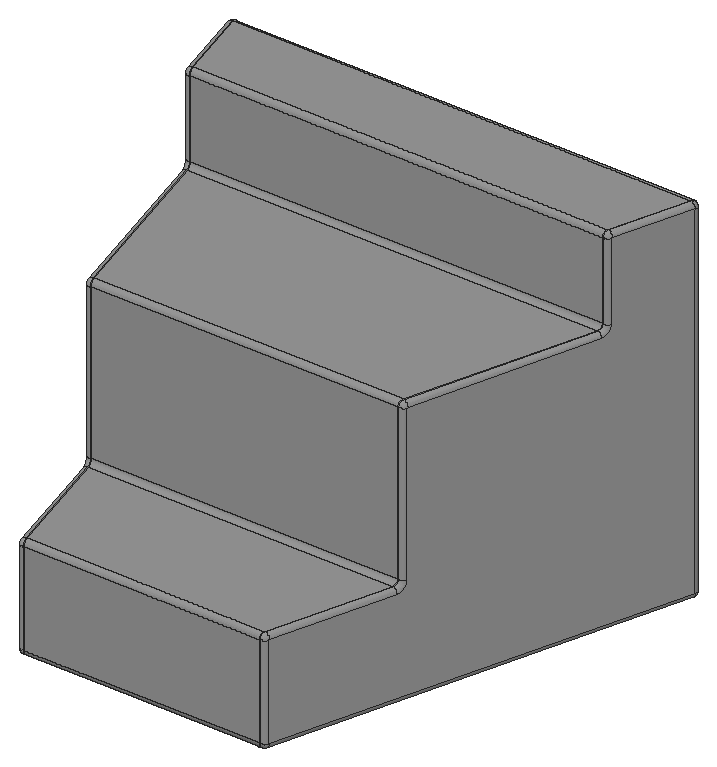
Revit family "TS1006 Elevate Tier Three Step Inside Wedge", category Generic Models, Revit 2018
Family settings
  Can host rebar = No
  Round Connector Dimension = Use Diameter
  Part Type = Normal
  Work Plane-Based = No
  Always vertical = Yes
  Cut with Voids When Loaded = No
  Shared = No
  Room Calculation Point = No
Parameters
  Fabric = TS1006 Elevate Three Tier Inside Wedge Fabric
Reference planes (in)
  plane 1 "Center (Front/Back)": y = 0
  plane 2: z = 0
  plane 3 "Center (Left/Right)": x = 0
Forms (in)
  Extrusion 1, solid, material "TS1006 Elevate Three Tier Inside Wedge Fabric" <- "Fabric"
    sketch origin (-0.24001, -0.03209, 0) x (-0.000034, 1, 0) y (0, 0, 1)
      loop
        line (20.50025, 0.52044) -> (20.50025, 34.06864)
        spline (20.50025, 34.06864) -> (20.49595, 34.13669) -> (20.48314, 34.20358) -> (20.46202, 34.26816) -> (20.43296, 34.32932) -> (20.39646, 34.38602) -> (20.35314, 34.4373) -> (20.30374, 34.48226) -> (20.24911, 34.52015) -> (20.19018, 34.55031) -> (20.12797, 34.57224) -> (20.06353, 34.58554) -> (19.99797, 34.59)
        line (19.99797, 34.59) -> (12.51887, 34.59)
        spline (12.51887, 34.59) -> (12.45354, 34.58555) -> (12.38931, 34.5723) -> (12.32731, 34.55045) -> (12.26858, 34.52039) -> (12.21414, 34.48263) -> (12.16491, 34.43781) -> (12.12174, 34.38672) -> (12.08536, 34.3302) -> (12.0564, 34.26925) -> (12.03535, 34.20489) -> (12.02258, 34.13823) -> (12.0183, 34.07041)
        line (12.0183, 34.07041) -> (12.0183, 26.59)
        spline (12.0183, 26.59) -> (12.01417, 26.52474) -> (12.00188, 26.46059) -> (11.98163, 26.39866) -> (11.95376, 26.34) -> (11.91875, 26.28562) -> (11.87721, 26.23645) -> (11.82983, 26.19332) -> (11.77744, 26.15699) -> (11.72093, 26.12806) -> (11.66127, 26.10704) -> (11.59947, 26.09428) -> (11.53659, 26.09)
        line (11.53659, 26.09) -> (-5.98075, 26.09)
        spline (-5.98075, 26.09) -> (-6.04614, 26.08555) -> (-6.11041, 26.07228) -> (-6.17246, 26.05042) -> (-6.23123, 26.02034) -> (-6.28571, 25.98255) -> (-6.33498, 25.9377) -> (-6.37819, 25.88656) -> (-6.41459, 25.83001) -> (-6.44357, 25.76901) -> (-6.46464, 25.7046) -> (-6.47742, 25.63789) -> (-6.4817, 25.57002)
        line (-6.4817, 25.57002) -> (-6.4817, 10.59)
        spline (-6.4817, 10.59) -> (-6.48583, 10.52474) -> (-6.49812, 10.46059) -> (-6.51837, 10.39866) -> (-6.54624, 10.34) -> (-6.58125, 10.28562) -> (-6.62279, 10.23645) -> (-6.67017, 10.19332) -> (-6.72256, 10.15699) -> (-6.77907, 10.12806) -> (-6.83873, 10.10704) -> (-6.90053, 10.09428) -> (-6.96341, 10.09)
        line (-6.96341, 10.09) -> (-18.49849, 10.09)
        spline (-18.49849, 10.09) -> (-18.56382, 10.08556) -> (-18.62804, 10.0723) -> (-18.69004, 10.05045) -> (-18.74876, 10.02039) -> (-18.8032, 9.98263) -> (-18.85243, 9.93782) -> (-18.8956, 9.88673) -> (-18.93197, 9.83022) -> (-18.96093, 9.76926) -> (-18.98198, 9.70491) -> (-18.99475, 9.63825) -> (-18.99904, 9.57044)
        line (-18.99904, 9.57044) -> (-18.99904, 0.51994)
        spline (-18.99904, 0.51994) -> (-18.99475, 0.45207) -> (-18.98197, 0.38537) -> (-18.96091, 0.32097) -> (-18.93193, 0.25997) -> (-18.89552, 0.20342) -> (-18.85232, 0.15229) -> (-18.80306, 0.10744) -> (-18.74858, 0.06966) -> (-18.68982, 0.03958) -> (-18.62777, 0.01772) -> (-18.56351, 0.00445) -> (-18.49812, 0)
        line (-18.49812, 0) -> (19.99886, 0)
        spline (19.99886, 0) -> (20.0643, 0.00445) -> (20.12863, 0.01773) -> (20.19073, 0.03962) -> (20.24955, 0.06973) -> (20.30409, 0.10755) -> (20.3534, 0.15243) -> (20.39664, 0.20362) -> (20.43308, 0.26022) -> (20.46208, 0.32128) -> (20.48317, 0.38574) -> (20.49596, 0.45251) -> (20.50025, 0.52044)
    from -22.72232 to 28.61822
  Extrusion 2, void
    sketch origin (-0.24001, -0.03209, 0) x (-1, -0.000034, 0) y (0.000034, -1, 0)
      loop
        line (-22.71375, -21.33649) -> (-10.51721, 22.50003) -> (-35.48101, 22.50003) -> (-35.48101, -21.33649) -> (-22.71375, -21.33649)
    from 0 to 39.78548
  Extrusion 3, void
    sketch origin (-0.24001, -0.03209, 0) x (1, 0.000034, 0) y (-0.000034, 1, 0)
      loop
        line (-22.71375, 21.33649) -> (-35.48101, 21.33649) -> (-35.48101, -22.50003) -> (-10.51721, -22.50003) -> (-22.71375, 21.33649)
    from 0 to 39.78548
  Sweep 4, solid, material "TS1006 Elevate Three Tier Inside Wedge Fabric" <- "Fabric"
    path origin (0.11497, 5.54318, 0) x (-0.268079, 0.963397, 0) y (0, 0, 1)
      loop
        arc (20, 34.06864) -> (19.99374, 34.08374) -> (19.97864, 34.09) r 0.02136
        line (19.97864, 34.09) -> (12.21546, 34.09)
        arc (12.21546, 34.09) -> (12.20161, 34.08426) -> (12.19587, 34.07041) r 0.01959
        line (12.19587, 34.07041) -> (12.19587, 26.59)
        arc (12.19587, 26.59) -> (11.90297, 25.88289) -> (11.19587, 25.59) r 1
        line (11.19587, 25.59) -> (-6.98686, 25.59)
        arc (-6.98686, 25.59) -> (-7.00099, 25.58415) -> (-7.00684, 25.57002) r 0.01998
        line (-7.00684, 25.57002) -> (-7.00684, 10.59)
        arc (-7.00684, 10.59) -> (-7.29973, 9.88289) -> (-8.00684, 9.59) r 1
        line (-8.00684, 9.59) -> (-19.98006, 9.59)
        arc (-19.98006, 9.59) -> (-19.9939, 9.58427) -> (-19.99963, 9.57044) r 0.01956
        line (-19.99963, 9.57044) -> (-19.99963, 0.51994)
        arc (-19.99963, 0.51994) -> (-19.99379, 0.50584) -> (-19.97969, 0.5) r 0.01994
        line (-19.97969, 0.5) -> (19.97956, 0.5)
        arc (19.97956, 0.5) -> (19.99401, 0.50599) -> (20, 0.52044) r 0.02044
        line (20, 0.52044) -> (20, 34.06864)
    profile origin (-5.24661, 24.81112, 17.29454) x (0.963397, 0.268079, 0) y (-0.268079, 0.963397, 0)
      loop
        line (-18, 0) -> (-18, 0.5)
        arc (-18, 0.5) -> (-18.35355, 0.35355) -> (-18.5, 0) r 0.5
        line (-18.5, 0) -> (-18, 0)
  Extrusion 5, solid, material "TS1006 Elevate Three Tier Inside Wedge Fabric" <- "Fabric"
    sketch origin (0.10971, 5.56215, 0) x (-0.268079, 0.963397, 0) y (0, 0, -1)
      loop
        arc (19.95895, -34.09) -> (19.97406, -34.08374) -> (19.98031, -34.06864) r 0.02136
        line (19.98031, -34.06864) -> (19.98031, -0.52044)
        arc (19.98031, -0.52044) -> (19.97433, -0.50599) -> (19.95987, -0.5) r 0.02044
        line (19.95987, -0.5) -> (-19.99938, -0.5)
        arc (-19.99938, -0.5) -> (-20.01347, -0.50584) -> (-20.01931, -0.51994) r 0.01994
        line (-20.01931, -0.51994) -> (-20.01931, -9.57044)
        arc (-20.01931, -9.57044) -> (-20.01358, -9.58427) -> (-19.99975, -9.59) r 0.01956
        line (-19.99975, -9.59) -> (-8.02652, -9.59)
        arc (-8.02652, -9.59) -> (-7.31942, -9.88289) -> (-7.02652, -10.59) r 1
        line (-7.02652, -10.59) -> (-7.02652, -25.57002)
        arc (-7.02652, -25.57002) -> (-7.02067, -25.58415) -> (-7.00655, -25.59) r 0.01998
        line (-7.00655, -25.59) -> (11.17618, -25.59)
        arc (11.17618, -25.59) -> (11.88329, -25.88289) -> (12.17618, -26.59) r 1
        line (12.17618, -26.59) -> (12.17618, -34.07041)
        arc (12.17618, -34.07041) -> (12.18192, -34.08426) -> (12.19577, -34.09) r 0.01959
        line (12.19577, -34.09) -> (19.95895, -34.09)
    from 18.00001 to 18.5
  Sweep 6, solid, material "TS1006 Elevate Three Tier Inside Wedge Fabric" <- "Fabric"
    path origin (-0.59682, 5.54318, 0) x (0.268079, 0.963397, 0) y (0, 0, -1)
      loop
        line (20, -34.06864) -> (20, -0.52044)
        arc (20, -0.52044) -> (19.99401, -0.50599) -> (19.97956, -0.5) r 0.02044
        line (19.97956, -0.5) -> (-19.97969, -0.5)
        arc (-19.97969, -0.5) -> (-19.99379, -0.50584) -> (-19.99963, -0.51994) r 0.01994
        line (-19.99963, -0.51994) -> (-19.99963, -9.57044)
        arc (-19.99963, -9.57044) -> (-19.9939, -9.58427) -> (-19.98006, -9.59) r 0.01956
        line (-19.98006, -9.59) -> (-8.00684, -9.59)
        arc (-8.00684, -9.59) -> (-7.29973, -9.88289) -> (-7.00684, -10.59) r 1
        line (-7.00684, -10.59) -> (-7.00684, -25.57002)
        arc (-7.00684, -25.57002) -> (-7.00099, -25.58415) -> (-6.98686, -25.59) r 0.01998
        line (-6.98686, -25.59) -> (11.19587, -25.59)
        arc (11.19587, -25.59) -> (11.90297, -25.88289) -> (12.19587, -26.59) r 1
        line (12.19587, -26.59) -> (12.19587, -34.07041)
        arc (12.19587, -34.07041) -> (12.20161, -34.08426) -> (12.21546, -34.09) r 0.01959
        line (12.21546, -34.09) -> (19.97864, -34.09)
        arc (19.97864, -34.09) -> (19.99374, -34.08374) -> (20, -34.06864) r 0.02136
    profile origin (4.76476, 24.81112, 17.29454) x (-0.963397, 0.268079, 0) y (-0.268079, -0.963397, 0)
      loop
        line (-18, 0) -> (-18.5, 0)
        arc (-18.5, 0) -> (-18.35355, -0.35355) -> (-18, -0.5) r 0.5
        line (-18, -0.5) -> (-18, 0)
  Extrusion 7, solid, material "TS1006 Elevate Three Tier Inside Wedge Fabric" <- "Fabric"
    sketch origin (-0.59156, 5.56215, 0) x (0.268079, 0.963397, 0) y (0, 0, 1)
      loop
        line (19.95895, 34.09) -> (12.19577, 34.09)
        arc (12.19577, 34.09) -> (12.18192, 34.08426) -> (12.17618, 34.07041) r 0.01959
        line (12.17618, 34.07041) -> (12.17618, 26.59)
        arc (12.17618, 26.59) -> (11.88329, 25.88289) -> (11.17618, 25.59) r 1
        line (11.17618, 25.59) -> (-7.00655, 25.59)
        arc (-7.00655, 25.59) -> (-7.02067, 25.58415) -> (-7.02652, 25.57002) r 0.01998
        line (-7.02652, 25.57002) -> (-7.02652, 10.59)
        arc (-7.02652, 10.59) -> (-7.31942, 9.88289) -> (-8.02652, 9.59) r 1
        line (-8.02652, 9.59) -> (-19.99975, 9.59)
        arc (-19.99975, 9.59) -> (-20.01358, 9.58427) -> (-20.01931, 9.57044) r 0.01956
        line (-20.01931, 9.57044) -> (-20.01931, 0.51994)
        arc (-20.01931, 0.51994) -> (-20.01347, 0.50584) -> (-19.99938, 0.5) r 0.01994
        line (-19.99938, 0.5) -> (19.95987, 0.5)
        arc (19.95987, 0.5) -> (19.97433, 0.50599) -> (19.98031, 0.52044) r 0.02044
        line (19.98031, 0.52044) -> (19.98031, 34.06864)
        arc (19.98031, 34.06864) -> (19.97406, 34.08374) -> (19.95895, 34.09) r 0.02136
    from 18.00001 to 18.5
Cuts and joins
  Extrusion 2, Extrusion 3 cuts Extrusion 1
Dimensions and locks (in)
  aligned and locked: plane 2 to level
